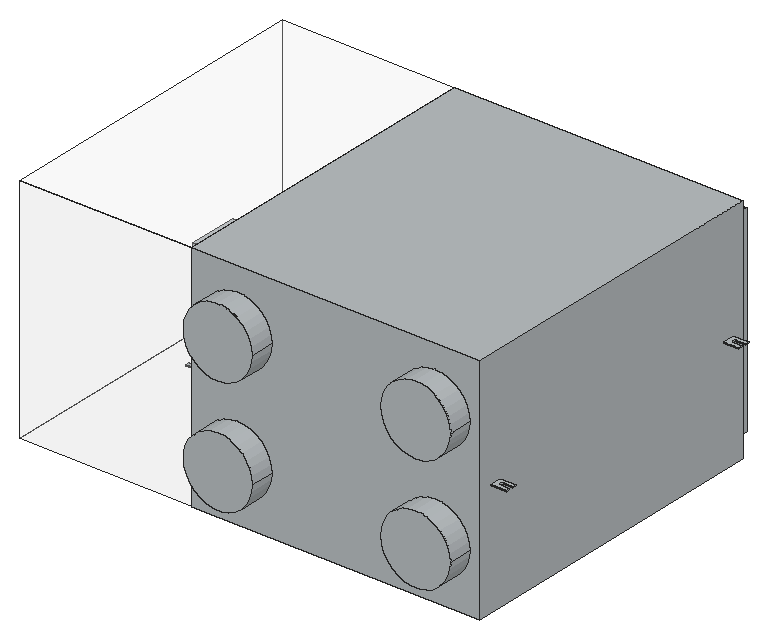
Revit family "lgh-n150_200rxv2d_50Hz", category 機械設備, Revit 2019
Family settings
  丸型コネクタ寸法 = 直径を使用
  パーツ タイプ = 標準
  OmniClass 番号 = 23.75.10.34.21
  OmniClass タイトル = Heat Exchangers for Ventilation Air
  作業面ベース = いいえ
  常に垂直 = はい
  ロード時にボイドで切り取り = いいえ
  共有 = いいえ
  部屋計算ポイント = はい
Parameters (values of type "LGH-N150RXV2D")
  騒音レベル(dB(A)) = 38.5
  風量 = SMAX風量  # 1500.0 m³/h
  面風速 = 8.5 m/s
  電源種別 [instance] = "一般"
  電圧 = 200 V
  電動機出力 = 0 W
  集中コントローラ = ""
  運転質量 = 0.00 kg
  連動 [instance] = ""
  質量 = if(製品質量 > 運転質量, 製品質量, 運転質量) * 1.2  # 127.20 kg
  負荷分類 = 3_ファン類
  説明 = "業務用ロスナイ 天井埋込形 DCマイコン"
  設計風量 = SMAX風量  # 1500.0 m³/h
  設置方法 = "天井吊(隠ぺい)形"
  記号 [instance] = ""
  製造元 = "MITSIBISHI ELECTRIC"
  製品質量 = 106.00 kg
  製品出荷対象 = "国内"
  製品リリース年月 = "2023/5/15"
  製品グループ = ""
  系統 [instance] = ""
  符号 = "HEU"
  積算_科目 = "1 空気調和設備"
  積算_拾い区分 [instance] = ""
  相 = 1
  盤記号 [instance] = ""
  発停方法 [instance] = ""
  特殊仕様 [instance] = ""
  点検口高さ = -Height  # -808 mm
  点検口離隔 = 150 mm
  点検口_Depth = 450 mm
  点検口 = yes
  火災停止 [instance] = ""
  温度交換効率 = 74.00%
  消費電力 = 900 W
  法定耐用年数 = "15"
  機外静圧_排気 = SMAX静圧  # 275.0 Pa
  機外静圧 = SMAX静圧  # 275.0 Pa
  極数 = 3
  材質 [instance] = ""
  本体マテリアル = 溶融亜鉛めっき鋼板
  操作・制御方式 = ""
  操作・制御スイッチ = ""
  排気量 = SMAX風量  # 1500.0 m³/h
  形式 = "天井埋込ダクト形"
  幹線記号 [instance] = ""
  対象室 [instance] = ""
  実風量 = SMAX風量  # 1500.0 m³/h
  始動方式 [instance] = "直入"
  天吊金具_径 = 15 mm
  天吊金具_幅 = 30 mm
  外気量 = SMAX風量  # 1500.0 m³/h
  呼称 = "全熱交換ユニット"
  周波数 = 50 Hz
  天吊金具ピッチ2 = 1015 mm
  天吊金具ピッチ1 = 1057 mm
  天吊金具_高さ = 404 mm
  参照している仕様書等のバージョン = ""
  初期抵抗 = 0.0 Pa
  分類コード = "50052504100070"
  分類グループ = ""
  価格 = 1534000
  企業コード = "108420"
  付属品_フィルター_還気 = ""
  付属品_フィルター = ""
  付属品 [instance] = ""
  仕様書バージョン = "Version1.0"
  モデル = "LGH-N150RXV2D"
  メンテナンススペース = yes
  ダクト高 = 700 mm
  ダクト径 = 250 mm
  ダクト幅 = 270 mm
  コメント [instance] = ""
  Keynote = ""
  エンタルピ交換効率_暖房 = 76.00%
  エンタルピ交換効率_冷房 = 66.00%
  Assembly Code = ""
  Width = 1004 mm
  Version = ""
  Uniclass2015Version = "Systems v1.9"
  Uniclass2015Title = "Thermal wheels"
  Uniclass2015Code = "Pr_60_60_36_88"
  URL = "https://www.mitsubishielectric.co.jp/ldg/wink/qr/002/324414/"
  SpecificationReference = ""
  SpecificationDescription = ""
  SMAX風量 = 1500.0 m³/h
  SMAX静圧 = 275.0 Pa
  SAサイズ_D = 242 mm
  Revision = ""
  RAサイズ_D = 242 mm
  ProductInformation = ""
  OmniClassCode = "23-27 23 19 11"
  OAサイズ_W = 270 mm
  OAサイズ_D = 700 mm
  MIN風量 = 660.0 m³/h
  MIN静圧 = 47.0 Pa
  MID風量 = 1080.0 m³/h
  MID静圧 = 127.0 Pa
  MAX風量 = 1500.0 m³/h
  MAX静圧 = 245.0 Pa
  IfcTypeProduct = ""
  IfcProduct = ""
  IfcExportType = "ROTARYWHEEL"
  IfcExportAs = "IfcAirToAirHeatRecoveryType"
  Height = 808 mm
  EAサイズ_W = 270 mm
  EAサイズ_D = 700 mm
  Duct_Pitch = 690 mm
  Duct_Height = 202 mm
  Duct_Depth_SA_RA = 84 mm
  Duct_Depth_OA_EA = 49 mm
  Depth = 1144 mm
  Clearance Top = 0 mm
  Clearance Left = 600 mm
  Clearance Bottom = 0 mm
  Box_Width = 175 mm
  Box_Height = 669 mm
  Box_H = 88 mm
  Box_Depth = 115 mm
  Box_W = 145 mm
  Author = "MITSUBISHI ELECTRIC"
Types (2, lengths in mm): name | 騒音レベル(dB(A)) | 風量 | 面風速 | 質量 | 設計風量 | 製品質量 | 温度交換効率 | 消費電力 | 機外静圧_排気 | 機外静圧 | 排気量 | 実風量 | 外気量 | 天吊金具ピッチ1 | 価格 | モデル | エンタルピ交換効率_暖房 | エンタルピ交換効率_冷房 | Width | URL | SMAX風量 | SMAX静圧 | MIN風量 | MIN静圧 | MID風量 | MID静圧 | MAX風量 | MAX静圧 | Duct_Pitch
  LGH-N150RXV2D | 38.5 | 1500.0 m³/h | 8.5 m/s | 127.20 kg | 1500.0 m³/h | 106.00 kg | 74.00% | 900 W | 275.0 Pa | 275.0 Pa | 1500.0 m³/h | 1500.0 m³/h | 1500.0 m³/h | 1057 | 1534000 | "LGH-N150RXV2D" | 76.00% | 66.00% | 1004 | "https://www.mitsubishielectric.co.jp/ldg/wink/qr/002/324414/" | 1500.0 m³/h | 275.0 Pa | 660.0 m³/h | 47.0 Pa | 1080.0 m³/h | 127.0 Pa | 1500.0 m³/h | 245.0 Pa | 690
  LGH-N200RXV2D | 41 | 2000.0 m³/h | 11.3 m/s | 139.20 kg | 2000.0 m³/h | 116.00 kg | 73.00% | 1160 W | 225.0 Pa | 225.0 Pa | 2000.0 m³/h | 2000.0 m³/h | 2000.0 m³/h | 1284 | 1730000 | "LGH-N200RXV2D" | 75.00% | 65.00% | 1231 | "https://www.mitsubishielectric.co.jp/ldg/wink/qr/002/324416/" | 2000.0 m³/h | 225.0 Pa | 880.0 m³/h | 32.0 Pa | 1440.0 m³/h | 86.0 Pa | 2000.0 m³/h | 165.0 Pa | 917
Reference planes
  plane 1 "中心(正面/背面)": y = 0
  plane 2: z = 0
  plane 3 "中心(左/右)": x = 0
  plane 4: x = -502
  plane 5: x = 502
  plane 6: y = 572
  plane 7: y = -572
  plane 8: z = -808
  plane 9: z = -202
  plane 10: x = -345
  plane 11: x = 345
  plane 12: y = -656
  plane 13: y = 621
  plane 14: x = -586
  plane 15: x = 586
  plane 16: x = -1102
  plane 17: y = -427
  plane 18: y = -252
  plane 19: z = -88
  plane 20: z = -757
  plane 21: x = -617
  plane 22: x = -652
  plane 23: y = 225
  plane 24: x = -528.5
  plane 25: x = 528.5
  plane 26: y = 507.5
  plane 27: y = -507.5
  plane 28: y = -225
  plane 29: x = -558.5
  plane 30: y = 527.5
  plane 31: y = 487.5
  plane 32: y = -487.5
  plane 33: y = -527.5
  plane 34: z = -5
  plane 35: z = -404
  plane 36: z = -407
  plane 37: x = 558.5
  plane 38: z = -404
  plane 39: x = 480
  plane 40: x = 210
  plane 41: x = -480
  plane 42: x = -210
  plane 43: z = -54
  plane 44: z = -754
  plane 45: z = -54
  plane 46: z = -754
  plane 47: z = -606
  plane 48: z = -808
  plane 49: z = 0
Forms (mm)
  Extrusion 1, solid, material "溶融亜鉛めっき鋼板" <- "本体マテリアル", detail levels fine
    sketch origin (0, 0, 0) x (1, 0, 0) y (0, 1, 0)
      loop
        line (-502, 572) -> (-502, -572) -> (502, -572) -> (502, 572) -> (-502, 572)
    from 0 to -808
  Extrusion 2, solid, material "溶融亜鉛めっき鋼板" <- "本体マテリアル", detail levels fine
    sketch origin (502, -572, 0) x (-1, 0, 0) y (0, 0, -1)
      loop
        circle (847, 202) r 121
    from 0 to 84
  Extrusion 3, solid, material "溶融亜鉛めっき鋼板" <- "本体マテリアル", detail levels fine
    sketch origin (510, -445, 0) x (-1, 0, 0) y (0, 0, -1)
      loop
        circle (165, 202) r 121
    from 127 to 211
  Extrusion 4, solid, material "溶融亜鉛めっき鋼板" <- "本体マテリアル", detail levels fine
    sketch origin (-502, -572, 0) x (0, 1, 0) y (0, 0, -1)
      loop
        line (320, 88) -> (320, 757) -> (145, 757) -> (145, 88) -> (320, 88)
    from 0 to 115
  Extrusion 5, solid, material "溶融亜鉛めっき鋼板" <- "本体マテリアル", detail levels fine
    sketch origin (0, 0, 0) x (1, 0, 0) y (0, 1, 0)
      loop
        line (-558.5, 527.5) -> (-558.5, 515) -> (-528.5, 515)
        arc (-528.5, 515) -> (-521, 507.5) -> (-528.5, 500) r 7.5
        line (-528.5, 500) -> (-558.5, 500) -> (-558.5, 487.5) -> (-502, 487.5) -> (-502, 527.5) -> (-558.5, 527.5)
    from -404 to -407
  Extrusion 6, solid, material "溶融亜鉛めっき鋼板" <- "本体マテリアル", detail levels fine
    sketch origin (0, 0, 0) x (1, 0, 0) y (0, 1, 0)
      loop
        line (-558.5, -527.5) -> (-502, -527.5) -> (-502, -487.5) -> (-558.5, -487.5) -> (-558.5, -500) -> (-528.5, -500)
        arc (-528.5, -500) -> (-521, -507.5) -> (-528.5, -515) r 7.5
        line (-528.5, -515) -> (-558.5, -515) -> (-558.5, -527.5)
    from -404 to -407
  Extrusion 7, solid, material "溶融亜鉛めっき鋼板" <- "本体マテリアル", detail levels fine
    sketch origin (0, 0, 0) x (-1, 0, 0) y (0, -1, 0)
      loop
        line (-558.5, 527.5) -> (-558.5, 515) -> (-528.5, 515)
        arc (-528.5, 515) -> (-521, 507.5) -> (-528.5, 500) r 7.5
        line (-528.5, 500) -> (-558.5, 500) -> (-558.5, 487.5) -> (-502, 487.5) -> (-502, 527.5) -> (-558.5, 527.5)
    from -404 to -407
  Extrusion 8, solid, material "溶融亜鉛めっき鋼板" <- "本体マテリアル", detail levels fine
    sketch origin (0, 0, 0) x (-1, 0, 0) y (0, -1, 0)
      loop
        line (-558.5, -527.5) -> (-502, -527.5) -> (-502, -487.5) -> (-558.5, -487.5) -> (-558.5, -500) -> (-528.5, -500)
        arc (-528.5, -500) -> (-521, -507.5) -> (-528.5, -515) r 7.5
        line (-528.5, -515) -> (-558.5, -515) -> (-558.5, -527.5)
    from -404 to -407
  Extrusion 9, solid, material "溶融亜鉛めっき鋼板" <- "本体マテリアル", detail levels fine
    sketch origin (0, 0, 0) x (1, 0, 0) y (0, 0, 1)
      loop
        circle (-345, -606) r 121
    from 572 to 656
  Extrusion 10, solid, material "溶融亜鉛めっき鋼板" <- "本体マテリアル", detail levels fine
    sketch origin (0, 0, 0) x (1, 0, 0) y (0, 0, 1)
      loop
        circle (345, -606) r 121
    from 572 to 656
  Extrusion 11, solid, material "溶融亜鉛めっき鋼板" <- "本体マテリアル", detail levels fine
    sketch origin (0, 0, 0) x (1, 0, 0) y (0, 0, 1)
      loop
        line (480, -754) -> (480, -54) -> (210, -54) -> (210, -754) -> (480, -754)
    from -621 to -572
  Extrusion 12, solid, material "溶融亜鉛めっき鋼板" <- "本体マテリアル", detail levels fine
    sketch origin (0, 0, 0) x (1, 0, 0) y (0, 0, 1)
      loop
        line (-480, -754) -> (-210, -754) -> (-210, -54) -> (-480, -54) -> (-480, -754)
    from -621 to -572
Lines and regions (mm)
  Masking region 1, detail levels coarse+medium
    outline origin (1326.5, 29, 0) x (1, 0, 0) y (0, 1, 0)
      loop
        line (-1828.5, 543) -> (-1828.5, -601) -> (-824.5, -601) -> (-824.5, 543) -> (-1828.5, 543)
  symbolic lines, detail levels coarse+medium
    curve 1: line (0, 572, 0) -> (-502, 0, 0)
    curve 2: line (-502, 0, 0) -> (0, -572, 0)
    curve 3: line (0, -572, 0) -> (502, 0, 0)
    curve 4: line (502, 0, 0) -> (0, 572, 0)
Dimensions and locks
  equal spacing: plane 4, plane 3 "中心(左/右)", plane 5
  "Width": plane 4 to plane 5
  equal spacing: plane 6, plane 1 "中心(正面/背面)", plane 7
  "Depth": plane 6 to plane 7
  "Height": level to plane 8
  "Duct_Height": level to plane 9
  equal spacing: plane 11, plane 3 "中心(左/右)", plane 10
  "Duct_Pitch": plane 11 to plane 10
  "Duct_Depth_OA_EA": plane 13 to plane 6
  "Duct_Depth_SA_RA": plane 7 to plane 12
  "Duct_Depth_SA_RA": plane 5 to plane 15
  "Duct_Depth_SA_RA": plane 14 to plane 4
  "Clearance Left": plane 16 to plane 4
  "Box_H": level to plane 19
  "Box_Height": plane 19 to plane 20
  "Box_W": plane 17 to plane 7
  "Box_Width": plane 18 to plane 17
  "Box_Depth": plane 21 to plane 4
  "点検口離隔": plane 22 to plane 4
  equal spacing: plane 24, plane 3 "中心(左/右)", plane 25
  "天吊金具ピッチ1": plane 24 to plane 25
  equal spacing: plane 26, plane 1 "中心(正面/背面)", plane 27
  "天吊金具ピッチ2": plane 26 to plane 27
  equal spacing: plane 23, plane 1 "中心(正面/背面)", plane 28
  "点検口_Depth": plane 23 to plane 28
  equal spacing: plane 30, plane 26, plane 31
  locked: plane 30 to plane 31 at 40
  "天吊金具_幅": plane 29 to plane 24
  "天吊金具_高さ": level to plane 35
  locked: plane 35 to plane 36 at 3
  equal spacing: plane 32, plane 27, plane 33
  locked: plane 32 to plane 33 at 40
  "天吊金具_幅": plane 25 to plane 37
  equal spacing: plane 8, plane 38, level
  equal spacing: plane 40, plane 11, plane 39
  "EAサイズ_W": plane 40 to plane 39
  equal spacing: plane 42, plane 10, plane 41
  "OAサイズ_W": plane 42 to plane 41
  equal spacing: plane 44, plane 38, plane 43
  "EAサイズ_D": plane 44 to plane 43
  "OAサイズ_D": plane 46 to plane 45
  equal spacing: plane 46, plane 38, plane 45
  "Duct_Height": plane 38 to plane 47
  "Clearance Bottom": plane 8 to plane 48
  "Clearance Top": plane 49 to level
  "RAサイズ_D": diameter of Extrusion 3 sketch curve
  "SAサイズ_D": diameter of Extrusion 9 sketch curve
  "RAサイズ_D": diameter of Extrusion 10 sketch curve
  "SAサイズ_D": diameter of Extrusion 2 sketch curve
  "天吊金具_径": diameter of Extrusion 6 sketch curve
  "天吊金具_径": diameter of Extrusion 7 sketch curve
  "天吊金具_径": diameter of Extrusion 8 sketch curve
  "天吊金具_径": diameter of Extrusion 5 sketch curve
  aligned and locked: level to plane 2
  aligned and locked: Extrusion 1 to plane 8
  aligned and locked: Extrusion 2 to plane 12
  aligned and locked: plane 7 to Extrusion 2
  aligned and locked: plane 7 to Extrusion 3
  aligned and locked: Extrusion 3 to plane 12
  aligned and locked: plane 16 to nested 1
  aligned and locked: plane 4 to nested 1
  aligned and locked: nested 1 to plane 6
  aligned and locked: nested 1 to plane 7
  aligned and locked: Extrusion 4 to plane 21
  aligned and locked: plane 4 to Extrusion 4
  aligned and locked: Masking region 1 to plane 4
  aligned and locked: plane 5 to Masking region 1
  aligned and locked: plane 6 to Masking region 1
  aligned and locked: Masking region 1 to plane 7
  aligned and locked: plane 25 to nested 2
  aligned and locked: plane 24 to nested 2
  aligned and locked: nested 2 to plane 27
  aligned and locked: plane 26 to nested 2
  aligned and locked: Extrusion 4 to plane 18
  aligned and locked: Extrusion 4 to plane 20
  aligned and locked: plane 19 to Extrusion 4
  aligned and locked: Extrusion 4 to plane 17
  aligned and locked: plane 22 to nested 3
  aligned and locked: plane 16 to nested 3
  aligned and locked: plane 23 to nested 3
  aligned and locked: nested 3 to plane 28
  aligned and locked: plane 29 to Extrusion 5 sketch curve  (x2)
  aligned and locked: Extrusion 5 sketch curve to plane 4
  aligned and locked: plane 31 to Extrusion 5 sketch curve
  aligned and locked: Extrusion 5 sketch curve to plane 30
  aligned and locked: Extrusion 5 to plane 35
  aligned and locked: Extrusion 5 to plane 36
  aligned and locked: Extrusion 6 sketch curve to plane 29  (x2)
  aligned and locked: plane 32 to Extrusion 6 sketch curve
  aligned and locked: Extrusion 6 sketch curve to plane 33
  aligned and locked: plane 4 to Extrusion 6 sketch curve
  aligned and locked: plane 35 to Extrusion 6
  aligned and locked: Extrusion 6 to plane 36
  aligned and locked: plane 37 to Extrusion 7 sketch curve  (x2)
  aligned and locked: Extrusion 7 sketch curve to plane 32
  aligned and locked: plane 33 to Extrusion 7 sketch curve
  aligned and locked: plane 5 to Extrusion 7 sketch curve
  aligned and locked: Extrusion 7 to plane 36
  aligned and locked: plane 35 to Extrusion 7
  aligned and locked: Extrusion 8 sketch curve to plane 37  (x2)
  aligned and locked: Extrusion 8 sketch curve to plane 31
  aligned and locked: plane 30 to Extrusion 8 sketch curve
  aligned and locked: Extrusion 8 sketch curve to plane 5
  aligned and locked: plane 35 to Extrusion 8
  aligned and locked: Extrusion 8 to plane 36
  aligned and locked: Extrusion 9 to plane 12
  aligned and locked: plane 7 to Extrusion 9
  aligned and locked: Extrusion 10 to plane 12
  aligned and locked: plane 7 to Extrusion 10
  aligned and locked: plane 44 to Extrusion 11 sketch curve
  aligned and locked: plane 39 to Extrusion 11 sketch curve
  aligned and locked: Extrusion 11 sketch curve to plane 43
  aligned and locked: Extrusion 11 sketch curve to plane 40
  aligned and locked: Extrusion 12 sketch curve to plane 46
  aligned and locked: Extrusion 12 sketch curve to plane 41
  aligned and locked: plane 45 to Extrusion 12 sketch curve
  aligned and locked: plane 42 to Extrusion 12 sketch curve
  aligned and locked: plane 13 to Extrusion 12
  aligned and locked: Extrusion 12 to plane 6
  aligned and locked: plane 13 to Extrusion 11
  aligned and locked: Extrusion 11 to plane 6
  aligned and locked: nested 1 to plane 48
  aligned and locked: plane 49 to nested 1
Automatic sketch dimensions
  plane 1 "中心(正面/背面)" to curve 1 = 0 mm
  curve 1 to plane 4 = 0 mm
  curve 2 to plane 3 "中心(左/右)" = 0 mm
  curve 4 to plane 3 "中心(左/右)" = 0 mm
  plane 1 "中心(正面/背面)" to curve 4 = 0 mm
  curve 4 to plane 5 = 0 mm
  curve 2 to plane 7 = 0 mm
  curve 4 to plane 6 = 0 mm
  Extrusion 1 sketch curve to plane 4 = 0 mm
  Extrusion 1 sketch curve to plane 5 = 0 mm
  Extrusion 1 sketch curve to plane 7 = 0 mm
  Extrusion 1 sketch curve to plane 6 = 0 mm
  Extrusion 3 sketch curve to plane 9 = 0 mm
  Extrusion 3 sketch curve to plane 11 = 0 mm
  Extrusion 4 sketch curve to Extrusion 1 = 145 mm
  Extrusion 1 to Extrusion 4 sketch curve = 51 mm
  Extrusion 4 sketch curve to Extrusion 4 sketch curve = 175 mm
  Extrusion 1 to Extrusion 4 sketch curve = 88 mm
  Masking region 1 sketch curve to plane 4 = 0 mm
  Masking region 1 sketch curve to plane 5 = 0 mm
  Masking region 1 sketch curve to plane 7 = 0 mm
  Masking region 1 sketch curve to plane 6 = 0 mm
  Extrusion 9 sketch curve to plane 10 = 0 mm
  Extrusion 9 sketch curve to plane 47 = 0 mm
  Extrusion 10 sketch curve to plane 11 = 0 mm
  Extrusion 10 sketch curve to plane 47 = 0 mm
  Extrusion 1 to Extrusion 2 sketch curve = 157 mm
  Extrusion 1 to Extrusion 2 sketch curve = 202 mm
  Extrusion 5 sketch curve to plane 24 = 0 mm
  Extrusion 5 sketch curve to plane 26 = 0 mm
  Extrusion 6 sketch curve to plane 24 = 0 mm
  Extrusion 6 sketch curve to plane 27 = 0 mm
  Extrusion 7 sketch curve to plane 25 = 0 mm
  Extrusion 7 sketch curve to plane 27 = 0 mm
  Extrusion 8 sketch curve to plane 25 = 0 mm
  Extrusion 8 sketch curve to plane 26 = 0 mm
Nested families
  nested 1: "メンテナンススペース" at (-802, 0, -404), visible <- "メンテナンススペース", type "メンテナンススペース"
    with Width 600 mm, Height 808 mm, Depth 1144 mm
  nested 2: "固定点" at (-528.5, -507.5, 0), type "固定点"
    with W 1057 mm, D 1015 mm
  nested 3: "点検口設置範囲" at (-877, 0, -808), built-in parameter 1001364 <- "点検口高さ", visible <- "点検口", type "点検口設置範囲"
    with Width 450 mm, Depth 450 mm
Connectors
  hvac at (-345, -656, -202), driven by "SAサイズ_D", driven by "機外静圧", driven by "風量"
    settings: on Extrusion 2, index 1, duct flow 1500.0 m³/h, flow factor 0, pres drop 275.0 Pa, loss coef 0, conn angle 0.00°, conn width 304.8 mm, conn height 304.8 mm, conn diameter 242 mm, duct sys type 1, conn prof type 0, flow config 0, flow direction 2, loss method 4, conn ref index -1, conn util no, is conn primary yes, conn desc ""
  hvac at (345, -656, -202), driven by "RAサイズ_D", driven by "機外静圧", driven by "風量"
    settings: on Extrusion 3, index 2, duct flow 1500.0 m³/h, flow factor 0, pres drop 275.0 Pa, loss coef 0, conn angle 0.00°, conn width 304.8 mm, conn height 304.8 mm, conn diameter 242 mm, duct sys type 2, conn prof type 0, flow config 0, flow direction 1, loss method 4, conn ref index -1, conn util no, is conn primary no, conn desc ""
  electrical at (-559.5, -427, -422.5), driven by "負荷分類", driven by "極数", driven by "電圧", driven by "消費電力"
    settings: on Extrusion 4, index 7, voltage 200 V, apparent load 900 VA, apparent load phase1 0 VA, apparent load phase2 0 VA, apparent load phase3 0 VA, power factor 1, load classification "3_ファン類", number of poles 3, system type 30, power factor state 1, is connector primary yes, connector utility no, sub classification motor no, connector description ""
  hvac at (-345, -656, -606), driven by "SAサイズ_D", driven by "機外静圧", driven by "風量"
    settings: on Extrusion 9, index 8, duct flow 1500.0 m³/h, flow factor 0, pres drop 275.0 Pa, loss coef 0, conn angle 0.00°, conn width 304.8 mm, conn height 304.8 mm, conn diameter 242 mm, duct sys type 1, conn prof type 0, flow config 0, flow direction 2, loss method 4, conn ref index -1, conn util no, is conn primary no, conn desc ""
  hvac at (345, -656, -606), driven by "RAサイズ_D", driven by "機外静圧", driven by "風量"
    settings: on Extrusion 10, index 9, duct flow 1500.0 m³/h, flow factor 0, pres drop 275.0 Pa, loss coef 0, conn angle 0.00°, conn width 304.8 mm, conn height 304.8 mm, conn diameter 242 mm, duct sys type 2, conn prof type 0, flow config 0, flow direction 1, loss method 4, conn ref index -1, conn util no, is conn primary no, conn desc ""
  hvac at (345, 621, -404), driven by "EAサイズ_D", driven by "EAサイズ_W", driven by "機外静圧_排気", driven by "排気量"
    settings: on Extrusion 11, index 10, duct flow 1500.0 m³/h, flow factor 0, pres drop 275.0 Pa, loss coef 0, conn angle 0.00°, conn width 270 mm, conn height 700 mm, conn diameter 609.6 mm, duct sys type 3, conn prof type 1, flow config 0, flow direction 2, loss method 4, conn ref index -1, conn util no, is conn primary no, conn desc ""
  hvac at (-345, 621, -404), driven by "OAサイズ_W", driven by "OAサイズ_D", driven by "機外静圧", driven by "風量"
    settings: on Extrusion 12, index 11, duct flow 1500.0 m³/h, flow factor 0, pres drop 275.0 Pa, loss coef 0, conn angle 0.00°, conn width 270 mm, conn height 700 mm, conn diameter 609.6 mm, duct sys type 4, conn prof type 1, flow config 0, flow direction 1, loss method 4, conn ref index -1, conn util no, is conn primary no, conn desc ""
Definition of nested family "メンテナンススペース"
  Parameters (values of type "メンテナンススペース")
    Width [instance] = 500 mm
    Height [instance] = 500 mm
    Depth [instance] = 500 mm
  Reference planes
    plane 1 "中心(正面/背面)": y = 0
    plane 2: z = 0
    plane 3 "中心(左/右)": x = 0
    plane 4: y = -250
    plane 5: x = 250
    plane 6: y = 250
    plane 7: x = -250
    plane 8: z = 250
    plane 9: z = -250
  Forms (mm)
    Extrusion 1, solid
      sketch origin (-638.939, 0, 72.39) x (1, 0, 0) y (0, 1, 0)
        loop
          line (388.939, 250) -> (388.939, -250) -> (888.939, -250) -> (888.939, 250) -> (388.939, 250)
      from -322.39 to 177.61
  Lines and regions (mm)
    symbolic lines
      curve 1: line (-250, 0, 250) -> (250, 0, 250)
      curve 2: line (-250, 0, -250) -> (-250, 0, 250)
      curve 3: line (250, 0, -250) -> (-250, 0, -250)
      curve 4: line (250, 0, 250) -> (250, 0, -250)
      curve 5: line (0, -250, 250) -> (0, 250, 250)
      curve 6: line (0, -250, -250) -> (0, -250, 250)
      curve 7: line (0, 250, -250) -> (0, -250, -250)
      curve 8: line (0, 250, 250) -> (0, 250, -250)
      curve 9: line (-250, 250, 0) -> (250, 250, 0)
      curve 10: line (-250, -250, 0) -> (-250, 250, 0)
      curve 11: line (250, -250, 0) -> (-250, -250, 0)
      curve 12: line (250, 250, 0) -> (250, -250, 0)
  Dimensions and locks
    equal spacing: plane 7, plane 3 "中心(左/右)", plane 5
    equal spacing: plane 4, plane 1 "中心(正面/背面)", plane 6
    "Depth": plane 4 to plane 6
    "Width": plane 7 to plane 5
    equal spacing: plane 8, plane 2, plane 9
    "Height": plane 8 to plane 9
    aligned and locked: plane 9 to curve 3
    aligned and locked: plane 7 to curve 2
    aligned and locked: curve 4 to plane 5
    aligned and locked: plane 5 to Extrusion 1
    aligned and locked: Extrusion 1 to plane 7
    aligned and locked: Extrusion 1 to plane 9
    aligned and locked: plane 8 to Extrusion 1
    aligned and locked: plane 9 to curve 7
  Automatic sketch dimensions
    plane 4 to Extrusion 1 sketch curve = 0 mm
    Extrusion 1 sketch curve to plane 7 = 0 mm
    Extrusion 1 sketch curve to plane 5 = 0 mm
    plane 6 to Extrusion 1 sketch curve = 0 mm
    curve 2 to plane 8 = 0 mm
    plane 4 to curve 11 = 0 mm
    curve 11 to plane 7 = 0 mm
    curve 11 to plane 5 = 0 mm
    plane 6 to curve 10 = 0 mm
    curve 7 to plane 4 = 0 mm
    curve 7 to plane 6 = 0 mm
    curve 6 to plane 8 = 0 mm
Definition of nested family "固定点"
  Parameters (values of type "固定点")
    中心円 = 20 mm
    W [instance] = 1000 mm
    D [instance] = 1000 mm
  Reference planes
    plane 1 "中心(正面/背面)": y = 0
    plane 2: z = 0
    plane 3 "中心(左/右)": x = 0
    plane 4: x = 1000
    plane 5: y = 1000
  Lines and regions (mm)
    symbolic lines, detail levels fine
      curve 1: circle (0, 1000, 0) r 10 normal (0, 0, 1)
      curve 2: circle (0, 0, 0) r 10 normal (0, 0, 1)
      curve 3: circle (1000, 1000, 0) r 10 normal (0, 0, 1)
      curve 4: circle (1000, 0, 0) r 10 normal (0, 0, 1)
      curve 5: line (-200, 1000, 0) -> (1200, 1000, 0)
      curve 6: line (-200, 0, 0) -> (1200, 0, 0)
      curve 7: line (0, 1200, 0) -> (0, -200, 0)
      curve 8: line (1000, 1200, 0) -> (1000, -200, 0)
  Dimensions and locks
    "W": plane 3 "中心(左/右)" to plane 4
    "D": plane 1 "中心(正面/背面)" to plane 5
    "中心円": diameter of curve 1
    "中心円": diameter of curve 2
    "中心円": diameter of curve 3
    "中心円": diameter of curve 4
    aligned and locked: level to plane 2
    aligned and locked: plane 5 to curve 1
    aligned and locked: plane 3 "中心(左/右)" to curve 1
    aligned and locked: plane 3 "中心(左/右)" to curve 2
    aligned and locked: plane 1 "中心(正面/背面)" to curve 2
    aligned and locked: plane 4 to curve 3
    aligned and locked: plane 5 to curve 3
    aligned and locked: plane 1 "中心(正面/背面)" to curve 4
    aligned and locked: plane 4 to curve 4
    aligned and locked: plane 1 "中心(正面/背面)" to curve 6
    aligned and locked: curve 7 to plane 3 "中心(左/右)"
    aligned and locked: curve 8 to plane 4
  Automatic sketch dimensions
    curve 5 to plane 5 = 0 mm
    curve 6 to plane 3 "中心(左/右)" = 200 mm
    curve 5 to plane 3 "中心(左/右)" = 200 mm
    curve 4 to curve 6 = 200 mm
    curve 3 to curve 5 = 200 mm
    plane 1 "中心(正面/背面)" to curve 8 = 200 mm
    plane 1 "中心(正面/背面)" to curve 7 = 200 mm
    curve 3 to curve 8 = 200 mm
    curve 1 to curve 7 = 200 mm
Definition of nested family "点検口設置範囲"
  Parameters (values of type "点検口設置範囲")
    Width [instance] = 1000 mm
    Depth [instance] = 700 mm
  Reference planes
    plane 1 "中心(正面/背面)": y = 0
    plane 2: z = 0
    plane 3 "中心(左/右)": x = 0
    plane 4: x = -500
    plane 5: x = 500
    plane 6: y = -350
    plane 7: y = 350
  Lines and regions (mm)
    model lines
      curve 1: line (-500, 350, 0) -> (500, 350, 0)
      curve 2: line (-500, -350, 0) -> (-500, 350, 0)
      curve 3: line (500, -350, 0) -> (-500, -350, 0)
      curve 4: line (500, 350, 0) -> (500, -350, 0)
  Dimensions and locks
    "Depth": plane 7 to plane 6
    "Width": plane 4 to plane 5
    equal spacing: plane 7, plane 1 "中心(正面/背面)", plane 6
    equal spacing: plane 4, plane 3 "中心(左/右)", plane 5
    aligned and locked: level to plane 2
    aligned and locked: plane 4 to curve 2
    aligned and locked: curve 1 to plane 7
    aligned and locked: curve 4 to plane 5
    aligned and locked: plane 6 to curve 3
